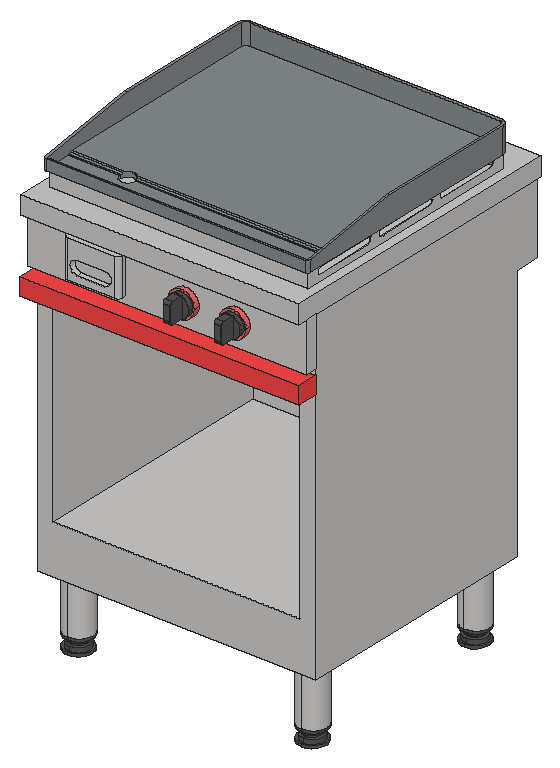
Revit family "ADB Cast iron gas plancha cupboard 620", category Equipement spécialisé, Revit 2022
Family settings
  Cote de connecteur circulaire = Utiliser le diamètre
  Type d'élément = Normal
  Numéro OmniClass = 23.40.40.14.17.11
  Titre OmniClass = Cookers, Ovens, Stoves
  Basée sur le plan de construction = Non
  Toujours verticalement = Oui
  Couper avec des vides une fois chargée = Non
  Conserver l'orientation des annotations = Non
  Partagée = Non
  Repère de localisation dans la pièce = Non
Parameters (values of type "CMG 620 PL")
  URL Cutsheet = "https://www.ambassade-de-bourgogne.com/fr/produits/armoires/grils/Resources/CMG-620-PL.pdf"
  URL = "https://www.ambassade-de-bourgogne.com/fr/produits/armoires/grils/Resources/CMG-620-PL.pdf"
  Electric Connection Type [instance] = "Bornier 40A"  # constant formula
  Item Number = ""
  Volts [instance] = 230 V  # constant formula
  Table = CME620PL_plancha fonte gaz : CME620PL_plancha fonte gaz
  Specification by Manufacturer = ""
  Electrical Remarks = "230V(MONO) commutable 400V(TRI)"
  Electric power = 0 W
  Gas power kW = 6
  Door hinges inversion option [instance] = no
  Door option CPM 600 [instance] = no
  Depth [instance] = 652 mm + if([Wall-spacer DSA 600], 50 mm, 0 mm) + if(Door option CPM 600, 53 mm, 0 mm)  # 652 mm
  Weight [instance] = 98.00 kg + if([Wall-spacer DSA 600], 1.00 kg, 0.00 kg) + if(Door option CPM 600, 5.00 kg, 0.00 kg)  # 98.00 kg
  Phase [instance] = 1  # constant formula
  Number of Poles [instance] = Phase  # 1
  Modèle = "CMG 620 PL"
  Length [instance] = 600 mm  # constant formula
  Height = 1000 mm
  Cycle [instance] = 50 Hz  # constant formula
  Fabricant = "Société Industrielle de Lacanche"  # constant formula
  F = 810 mm
  Elévation par défaut = 0 mm
  Shelves ECH 400 [instance] = no
  E = 50 mm
  Wall-spacer DSA 600 [instance] = no
  Dosseret [instance] = if([Wall-spacer DSA 600], 50 mm, 0 mm)  # 0 mm
  Gas Size = 20.96 mm
  Description = "Gas cast-iron Plancha cupboard"
  Connectors [instance] = yes
  Commentaires du type = "Ambassade range - Gas grills & plancha"
  D = 765 mm
  C = 300 mm
Reference planes
  plane 1 "Centre (avant/arrière)": y = 0
  plane 2: z = 0
  plane 3 "Centre (gauche/droite)": x = 0
  plane 4 "gauche": x = -300
  plane 5 "droite": x = 300
  plane 6 "fond de meuble": y = 325
  plane 7 "avant": y = -325
  plane 8 "arrière": y = 325
  plane 9: z = 1000
  plane 10: x = 0
  plane 11: z = 765
  plane 12: x = 250
  plane 13: z = 810
Forms (mm)
  Extrusion 1, solid, material "ADB_Network_Electricity_Yellow", visible <- "Connectors", detail levels medium+fine
    sketch origin (300, 315, 707) x (-1, 0, 0) y (0, 0, 1)
      loop
        circle (300, 58) r 10
    from 0 to 10
  Extrusion 2, solid, detail levels coarse
    sketch origin (0, 0, 0) x (1, 0, 0) y (0, 1, 0)
      loop
        line (-300, 325.033) -> (-300, -377.967) -> (300, -377.967) -> (300, 325.033) -> (-300, 325.033)
    from 0 to 1000 <- "Height"
  Extrusion 3, solid, material "ADB_Stainless Steel-Polished", detail levels fine
    sketch origin (0, 0, 0) x (1, 0, 0) y (0, 1, 0)
      loop
        arc (-210, -313.5) -> (-207.218, -320.218) -> (-200.5, -323) r 9.5
        line (-200.5, -323) -> (-99.5, -323)
        arc (-99.5, -323) -> (-92.782, -320.218) -> (-90, -313.5) r 9.5
        line (-90, -313.5) -> (-90, -306) -> (-210, -306) -> (-210, -313.5)
    from 770 to 850
  Extrusion 4, void
    sketch origin (300, -306, 860) x (-1, 0, 0) y (0, 0, -1)
      loop
        arc (479.812, 45) -> (494.812, 60) -> (479.812, 75) r 15
        line (479.812, 75) -> (420.021, 75)
        arc (420.021, 75) -> (405.021, 60) -> (420.021, 45) r 15
        line (420.021, 45) -> (479.812, 45)
    from 5 to 38.602
  Extrusion 5, solid, material "ADB_Network_Gas_Red", detail levels medium+fine
    sketch origin (300, 315, 707) x (-1, 0, 0) y (0, 0, 1)
      loop
        circle (50, 103) r 10.48
    from 0 to 10
Cuts and joins
  Extrusion 4 cuts Extrusion 3
Dimensions and locks
  equal spacing: plane 5 "droite", plane 3 "Centre (gauche/droite)", plane 4 "gauche"
  "Length": plane 5 "droite" to plane 4 "gauche"
  plane 6 "fond de meuble" to plane 7 "avant" = 650 mm
  locked: plane 7 "avant" to plane 1 "Centre (avant/arrière)" at 325
  "Dosseret": plane 8 "arrière" to plane 6 "fond de meuble"
  "Height": plane 9 to plane 2
  "D": plane 2 to plane 11
  "C": plane 5 "droite" to plane 10
  "E": plane 12 to plane 5 "droite"
  "F": plane 2 to plane 13
  aligned and locked: level to plane 2
  aligned and locked: plane 3 "Centre (gauche/droite)" to nested 1
  aligned and locked: Extrusion 1 sketch curve to plane 10
  aligned and locked: plane 11 to Extrusion 1 sketch curve
  aligned and locked: plane 3 "Centre (gauche/droite)" to nested 4
  aligned and locked: plane 13 to Extrusion 5 sketch curve
  aligned and locked: plane 12 to Extrusion 5 sketch curve
Automatic sketch dimensions
  Extrusion 2 sketch curve to plane 4 "gauche" = 0 mm
  Extrusion 2 sketch curve to plane 5 "droite" = 0 mm
  Extrusion 2 sketch curve to plane 7 "avant" = 52.967 mm
  plane 8 "arrière" to Extrusion 2 sketch curve = 0.033 mm
  plane 4 "gauche" to Extrusion 3 sketch curve = 90 mm
  plane 7 "avant" to Extrusion 3 sketch curve = 11.5 mm
  Extrusion 3 sketch curve to Extrusion 3 sketch curve = 9.5 mm  (x2)
  Extrusion 3 sketch curve to plane 3 "Centre (gauche/droite)" = 99.5 mm
  plane 7 "avant" to Extrusion 3 sketch curve = 19 mm
  Extrusion 4 sketch curve to nested 1 = 45 mm
  nested 1 to Extrusion 4 sketch curve = 179.979 mm
  Extrusion 4 sketch curve to Extrusion 4 sketch curve = 59.792 mm
  Extrusion 4 sketch curve to Extrusion 4 sketch curve = 15 mm
  radius of Extrusion 1 sketch curve = 10 mm
  radius of Extrusion 5 sketch curve = 10.48 mm
Nested families
  nested 1: "Soubassement armoire" at (0, 0, 0), Dosseret <- "Wall-spacer DSA 600", Porte <- "Door option CPM 600", Door hinges inversion option <- "Door hinges inversion option", Echelle <- "Shelves ECH 400", type "1 armoire", detail levels medium+fine
    with Depth 703 mm, Door hinges inversion option no, Porte no, Length 600 mm, Height 900 mm, Encombrement Porte standard no, Encombrement Porte inversée no, Echelle no, Décalage poignée 233.5 mm, Dosseret no
  nested 2: "Bouton" at (150, -306, 804.565) x (1, 0, 0) z (0, -1, 0), type "Bouton"
  nested 3: "Bouton" at (40, -306, 804.565) x (1, 0, 0) z (0, -1, 0), type "Bouton"
  nested 4: "CME620PL_plancha fonte gaz" at (0, 0, 900), type <- "Table", type "CME620PL_plancha fonte gaz", detail levels medium+fine
Connectors
  electrical at (0, 315, 765), driven by "Number of Poles", driven by "Volts", driven by "Electric power"
    settings: on Extrusion 1, index 1, voltage 230 V, apparent load 0 VA, apparent load phase1 0 VA, apparent load phase2 0 VA, apparent load phase3 0 VA, power factor 1, load classification "Autre", number of poles 1, system type 30, power factor state 1, is connector primary yes, connector utility no, sub classification motor no, connector description ""
  piping at (250, 315, 810), diameter 20.96, driven by "Gas Size"
    settings: on Extrusion 5, index 2, connector inside diameter 609.60 mm, connector length 0 mm, flow factor 0, pipe flow 0.0 L/s, pressure drop 0.0 Pa, fitting loss kfactor 0, connector angle 0.00°, fixture units 0, engagement length 0 mm, angle of deflection 0.00°, flow configuration 0, flow direction 1, fitting loss method 0, system type 29, joint type 0, gender type 0, connector reference index -1, connector utility 0, adjustable connector no, is connector primary yes, connector description "Gaz"
Definition of nested family "Soubassement armoire"
  Parameters (values of type "1 armoire")
    Profondeur produit = 650 mm
    Profondeur baie libre = if(Baie libre, Profondeur produit - 68 mm, 1 mm)  # 582 mm
    Door hinges inversion option [instance] = no
    Longueur poignée = 229 mm  # constant formula
    Encombrement Porte inversée [instance] = and(Porte, Door hinges inversion option)  # no
    Encombrement Porte standard [instance] = and(Porte, not(Door hinges inversion option))  # no
    Porte [instance] = no
    Depth [instance] = Profondeur produit + if(Dosseret, 50 mm, 0 mm) + 53 mm  # 703 mm
    Longueur produit = 600 mm
    Length [instance] = Longueur produit  # 600 mm
    Hauteur produit = 900 mm
    Height [instance] = Hauteur produit + if(Dosseret, 100 mm, 0 mm)  # 900 mm
    Default Elevation = 0 mm
    Echelle [instance] = no
    Décalage poignée [instance] = if(Door hinges inversion option, Length, 233.5 mm)  # 233.5 mm
    Dosseret [instance] = no
    Baie libre = yes
  Reference planes
    plane 1 "Centre (avant/arrière)": y = 0
    plane 2: z = 0
    plane 3 "Centre (gauche/droite)": x = 0
    plane 4 "Gauche": x = -300
    plane 5 "Arrière": y = 325
    plane 6 "Droite": x = 300
    plane 7 "Avant": y = -325
    plane 8 "dessous meuble": z = 155
    plane 9 "Dessus de plan": z = 900
    plane 10 "Baguette coloré": z = 696
    plane 11 "dessous plan": z = 860
    plane 12 "Face": y = -280
    plane 13 "commande": z = 755
    plane 14 "dessus dosseret": z = 900
    plane 15: y = -377.967
    plane 16: y = 325.033
    plane 17 "Baguette colorë": y = -780
    plane 18: x = -66.5
  Forms (mm)
    Extrusion 1, solid, visible <- "Porte", detail levels medium+fine
      sketch origin (-300, 0, 0) x (0, 1, 0) y (0, 0, 1)
        loop
          line (-325, 155) -> (-280, 155) -> (-280, 696) -> (-325, 696) -> (-325, 155)
      from 0 to 600 <- "Length"
    Extrusion 2, solid, detail levels medium+fine
      sketch origin (-300, 0, 0) x (0, 1, 0) y (0, 0, 1)
        loop
          line (-280, 742.5) -> (-327, 742.5) -> (-327, 705) -> (-280, 705) -> (-280, 742.5)
      from 0 to 600 <- "Length"
    Extrusion 3, solid, detail levels medium+fine
      sketch origin (-300, 0, 0) x (0, 1, 0) y (0, 0, 1)
        loop
          line (325, 900) -> (-325, 900) -> (-325, 860) -> (325, 860) -> (325, 900)
      from 0 to 600 <- "Length"
    Extrusion 4, void
      sketch origin (0, -325, 0) x (-1, 0, 0) y (0, 0, 1)
        loop
          line (266, 679) -> (-266, 679) -> (-266, 261.5) -> (266, 261.5) -> (266, 679)
      from 0 to 582 <- "Profondeur baie libre"
    Extrusion 5, solid, detail levels medium+fine
      sketch origin (-300, 0, 0) x (0, 1, 0) y (0, 0, 1)
        loop
          line (-280, 860) -> (-306, 860) -> (-306, 755) -> (-280, 755) -> (-280, 860)
      from 0 to 600 <- "Length"
    Extrusion 6, solid, detail levels medium+fine
      sketch origin (-300, 0, 0) x (0, 1, 0) y (0, 0, 1)
        loop
          line (315, 860) -> (-280, 860) -> (-280, 155) -> (260, 155) -> (260, 707) -> (315, 707) -> (315, 860)
      from 0 to 600 <- "Length"
    Revolve 7, solid, detail levels medium+fine
      sketch origin (251.965, 0, 0) x (0, 1, 0) y (0, 0, -1)
        loop
          line (-258.968, -155) -> (-229, -155) -> (-229, 0) -> (-258.492, 0) -> (-258.492, -5) -> (-253.001, -5) -> (-253.001, -13.586) -> (-248.857, -16.488) -> (-248.857, -22) -> (-252.82, -22) -> (-258.968, -28.148) -> (-258.968, -34) -> (-258.968, -155)
        axis (-229, 0) -> (-229, -155)
      angle from 0 to 360
    Revolve 8, solid, detail levels medium+fine
      sketch origin (-251.965, 0, 0) x (0, 1, 0) y (0, 0, 1)
        loop
          line (-258.968, 155) -> (-258.968, 34) -> (-258.968, 28.148) -> (-252.82, 22) -> (-248.857, 22) -> (-248.857, 16.488) -> (-253.001, 13.586) -> (-253.001, 5) -> (-258.492, 5) -> (-258.492, 0) -> (-229, 0) -> (-229, 155) -> (-258.968, 155)
        axis (-229, 0) -> (-229, 155)
      angle from 0 to 360
    Revolve 9, solid, detail levels medium+fine
      sketch origin (-251.965, -20, 0) x (0, -1, 0) y (0, 0, -1)
        loop
          line (-258.968, -155) -> (-229, -155) -> (-229, 0) -> (-258.492, 0) -> (-258.492, -5) -> (-253.001, -5) -> (-253.001, -13.586) -> (-248.857, -16.488) -> (-248.857, -22) -> (-252.82, -22) -> (-258.968, -28.148) -> (-258.968, -34) -> (-258.968, -155)
        axis (-229, 0) -> (-229, -155)
      angle from 0 to 360
    Extrusion 10, solid, visible <- "Dosseret", detail levels medium+fine
      sketch origin (-300, 0, 0) x (0, 1, 0) y (0, 0, 1)
        loop
          line (375.033, 1000) -> (325, 1000) -> (325, 860) -> (375.033, 860) -> (375.033, 1000)
      from 0 to 600 <- "Length"
    Revolve 11, solid, detail levels medium+fine
      sketch origin (251.965, -20, 0) x (0, -1, 0) y (0, 0, 1)
        loop
          line (-258.968, 155) -> (-258.968, 34) -> (-258.968, 28.148) -> (-252.82, 22) -> (-248.857, 22) -> (-248.857, 16.488) -> (-253.001, 13.586) -> (-253.001, 5) -> (-258.492, 5) -> (-258.492, 0) -> (-229, 0) -> (-229, 155) -> (-258.968, 155)
        axis (-229, 0) -> (-229, 155)
      angle from 0 to 360
    Extrusion 12, void
      sketch origin (0, 0, 900) x (0, -1, 0) y (1, 0, 0)
        loop
          line (-307.033, -266.567) -> (-293.033, -266.567) -> (-293.033, 266.464) -> (-307.033, 266.464) -> (-307.033, -266.567)
      from 0 to -0.8
    Extrusion 13, solid, detail levels medium+fine
      sketch origin (-300, 260, 155) x (0, 0, 1) y (1, 0, 0)
        loop
          line (65, 454) -> (65, 146) -> (552, 146) -> (552, 454) -> (65, 454)
      from 0 to 35
    Extrusion 14, solid, visible <- "Echelle"
      sketch origin (0, 0, 0) x (1, 0, 0) y (0, 0, 1)
        loop
          line (-266, 648.8) -> (-266, 623.8) -> (-256.5, 623.8) -> (-256.5, 625) -> (-264.8, 625) -> (-264.8, 647.6) -> (-248, 647.6) -> (-248, 648.8) -> (-266, 648.8)
        loop
          line (-266, 548.8) -> (-266, 523.8) -> (-256.5, 523.8) -> (-256.5, 525) -> (-264.8, 525) -> (-264.8, 547.6) -> (-248, 547.6) -> (-248, 548.8) -> (-266, 548.8)
        loop
          line (-266, 448.8) -> (-266, 423.8) -> (-256.5, 423.8) -> (-256.5, 425) -> (-264.8, 425) -> (-264.8, 447.6) -> (-248, 447.6) -> (-248, 448.8) -> (-266, 448.8)
        loop
          line (-266, 348.8) -> (-266, 323.8) -> (-256.5, 323.8) -> (-256.5, 325) -> (-264.8, 325) -> (-264.8, 347.6) -> (-248, 347.6) -> (-248, 348.8) -> (-266, 348.8)
      from -113.466 to 206.5
    Extrusion 15, solid, visible <- "Echelle"
      sketch origin (0, 0, 0) x (-1, 0, 0) y (0, 0, -1)
        loop
          line (-266, -648.8) -> (-248, -648.8) -> (-248, -647.6) -> (-264.8, -647.6) -> (-264.8, -625) -> (-256.5, -625) -> (-256.5, -623.8) -> (-266, -623.8) -> (-266, -648.8)
        loop
          line (-266, -548.8) -> (-248, -548.8) -> (-248, -547.6) -> (-264.8, -547.6) -> (-264.8, -525) -> (-256.5, -525) -> (-256.5, -523.8) -> (-266, -523.8) -> (-266, -548.8)
        loop
          line (-266, -448.8) -> (-248, -448.8) -> (-248, -447.6) -> (-264.8, -447.6) -> (-264.8, -425) -> (-256.5, -425) -> (-256.5, -423.8) -> (-266, -423.8) -> (-266, -448.8)
        loop
          line (-266, -348.8) -> (-248, -348.8) -> (-248, -347.6) -> (-264.8, -347.6) -> (-264.8, -325) -> (-256.5, -325) -> (-256.5, -323.8) -> (-266, -323.8) -> (-266, -348.8)
      from -113.466 to 206.5
  Cuts and joins
    Extrusion 4 cuts Extrusion 6
    Extrusion 12 cuts Extrusion 10
  Lines and regions (mm)
    symbolic lines, visible <- "Encombrement Porte standard"
      curve 1: line (300, -280, 155) -> (300, -880, 155)
      curve 4: arc (-300, -280, 155) -> (-124.264, -704.264, 155) -> (300, -880, 155) r 600
    symbolic lines, visible <- "Encombrement Porte inversée"
      curve 2: line (-300, -280, 155) -> (-300, -880, 155)
      curve 3: arc (300, -280, 155) -> (124.264, -704.264, 155) -> (-300, -880, 155) r 600
  Dimensions and locks
    equal spacing: plane 7 "Avant", plane 1 "Centre (avant/arrière)", plane 5 "Arrière"
    "Profondeur produit": plane 5 "Arrière" to plane 7 "Avant"
    equal spacing: plane 4 "Gauche", plane 3 "Centre (gauche/droite)", plane 6 "Droite"
    "Longueur produit": plane 4 "Gauche" to plane 6 "Droite"
    "Hauteur produit": plane 9 "Dessus de plan" to plane 2
    locked: plane 8 "dessous meuble" to plane 2 at 155
    locked: plane 9 "Dessus de plan" to plane 11 "dessous plan" at 40
    locked: plane 7 "Avant" to plane 12 "Face" at 45
    locked: plane 13 "commande" to plane 10 "Baguette coloré" at 59
    locked: plane 11 "dessous plan" to plane 13 "commande" at 105
    Extrusion 4 sketch curve to plane 8 "dessous meuble" = 106.5 mm
    Extrusion 4 sketch curve to plane 6 "Droite" = 34 mm
    Extrusion 4 sketch curve to plane 4 "Gauche" = 34 mm
    plane 10 "Baguette coloré" to Extrusion 4 sketch curve = 17 mm
    "Height": plane 14 "dessus dosseret" to plane 2
    locked: plane 7 "Avant" to plane 15 at 52.967
    "Depth": plane 15 to plane 16
    equal spacing: Extrusion 13 sketch curve, plane 3 "Centre (gauche/droite)", Extrusion 13 sketch curve
    "Décalage poignée": plane 18 to plane 4 "Gauche"
    locked: plane 4 "Gauche" to Revolve 9 at 18.067
    locked: Revolve 11 to plane 6 "Droite" at 18.067
    locked: Revolve 7 to plane 6 "Droite" at 18.067
    locked: plane 4 "Gauche" to Revolve 8 at 18.067
    locked: Revolve 8 to plane 12 "Face" at 21.032
    locked: Revolve 7 to plane 12 "Face" at 21.032
    locked: plane 5 "Arrière" to Extrusion 10 sketch curve at 50.033
    plane 16 to Extrusion 12 sketch curve to Extrusion 12 sketch curve = 18 mm locked, 14 mm locked
    aligned and locked: level to plane 2
    aligned and locked: plane 18 to nested 1
  Automatic sketch dimensions
    Extrusion 1 sketch curve to plane 7 "Avant" = 0 mm
    Extrusion 1 sketch curve to plane 10 "Baguette coloré" = 0 mm
    Extrusion 1 sketch curve to plane 12 "Face" = 0 mm
    Extrusion 1 sketch curve to plane 8 "dessous meuble" = 0 mm
    Extrusion 2 sketch curve to plane 12 "Face" = 0 mm
    Extrusion 2 sketch curve to plane 7 "Avant" = 2 mm
    plane 10 "Baguette coloré" to Extrusion 2 sketch curve = 9 mm
    Extrusion 2 sketch curve to plane 13 "commande" = 12.5 mm
    Extrusion 3 sketch curve to plane 7 "Avant" = 0 mm
    Extrusion 3 sketch curve to plane 5 "Arrière" = 0 mm
    Extrusion 3 sketch curve to plane 11 "dessous plan" = 0 mm
    Extrusion 3 sketch curve to plane 9 "Dessus de plan" = 0 mm
    Extrusion 5 sketch curve to plane 11 "dessous plan" = 0 mm
    Extrusion 5 sketch curve to plane 13 "commande" = 0 mm
    Extrusion 5 sketch curve to plane 12 "Face" = 0 mm
    plane 7 "Avant" to Extrusion 5 sketch curve = 19 mm
    Extrusion 6 sketch curve to plane 11 "dessous plan" = 0 mm
    Extrusion 6 sketch curve to plane 12 "Face" = 0 mm
    Extrusion 6 sketch curve to plane 8 "dessous meuble" = 0 mm
    Extrusion 6 sketch curve to plane 5 "Arrière" = 65 mm
    Extrusion 6 sketch curve to plane 5 "Arrière" = 10 mm
    plane 10 "Baguette coloré" to Extrusion 6 sketch curve = 11 mm
    Revolve 7 sketch curve to plane 8 "dessous meuble" = 0 mm
    Revolve 7 sketch curve to level = 0 mm
    plane 12 "Face" to Revolve 7 sketch curve = 21.032 mm
    plane 12 "Face" to Revolve 7 sketch curve = 21.508 mm
    Revolve 7 sketch curve to Revolve 7 sketch curve = 5.491 mm
    Revolve 7 sketch curve to Revolve 7 sketch curve = 0.181 mm
    Revolve 7 sketch curve to Revolve 7 sketch curve = 3.964 mm
    Revolve 7 sketch curve to Revolve 7 sketch curve = 24.001 mm
    level to Revolve 7 sketch curve = 34 mm
    Revolve 7 sketch curve to Revolve 7 sketch curve = 5.852 mm
    Revolve 7 sketch curve to Revolve 7 sketch curve = 6.148 mm
    Revolve 7 sketch curve to Revolve 7 sketch curve = 5.512 mm
    Revolve 7 sketch curve to Revolve 7 sketch curve = 2.902 mm
    level to Revolve 7 sketch curve = 5 mm
    Revolve 7 sketch curve to Revolve 7 sketch curve = 0 mm
    plane 8 "dessous meuble" to Revolve 7 sketch curve = 19 mm
    Revolve 7 sketch curve to Revolve 7 sketch curve = 12 mm
    Revolve 8 sketch curve to plane 8 "dessous meuble" = 0 mm
    Revolve 8 sketch curve to level = 0 mm
    plane 12 "Face" to Revolve 8 sketch curve = 21.032 mm
    plane 12 "Face" to Revolve 8 sketch curve = 21.508 mm
    Revolve 8 sketch curve to Revolve 8 sketch curve = 5.491 mm
    Revolve 8 sketch curve to Revolve 8 sketch curve = 0.181 mm
    Revolve 8 sketch curve to Revolve 8 sketch curve = 3.964 mm
    Revolve 8 sketch curve to Revolve 8 sketch curve = 24.001 mm
    level to Revolve 8 sketch curve = 5 mm
    Revolve 8 sketch curve to Revolve 8 sketch curve = 8.586 mm
    Revolve 8 sketch curve to Revolve 8 sketch curve = 2.902 mm
    Revolve 8 sketch curve to Revolve 8 sketch curve = 5.512 mm
    Revolve 8 sketch curve to Revolve 8 sketch curve = 6.148 mm
    Revolve 8 sketch curve to Revolve 8 sketch curve = 5.852 mm
    Revolve 8 sketch curve to Revolve 8 sketch curve = 0 mm
    Revolve 8 sketch curve to Revolve 8 sketch curve = 12 mm
    plane 8 "dessous meuble" to Revolve 8 sketch curve = 19 mm
    Revolve 9 sketch curve to plane 8 "dessous meuble" = 0 mm
    Revolve 9 sketch curve to level = 0 mm
    level to Revolve 9 sketch curve = 28.148 mm
    Revolve 9 sketch curve to plane 5 "Arrière" = 86.032 mm
    Revolve 9 sketch curve to Revolve 9 sketch curve = 0.477 mm
    level to Revolve 9 sketch curve = 13.586 mm
    Revolve 9 sketch curve to Revolve 9 sketch curve = 5.491 mm
    Revolve 9 sketch curve to Revolve 9 sketch curve = 0.181 mm
    Revolve 9 sketch curve to Revolve 9 sketch curve = 3.964 mm
    Revolve 9 sketch curve to Revolve 9 sketch curve = 24.001 mm
    Revolve 9 sketch curve to Revolve 9 sketch curve = 5.852 mm
    Revolve 9 sketch curve to Revolve 9 sketch curve = 8.414 mm
    Revolve 9 sketch curve to Revolve 9 sketch curve = 2.902 mm
    level to Revolve 9 sketch curve = 5 mm
    Revolve 9 sketch curve to Revolve 9 sketch curve = 0 mm
    plane 8 "dessous meuble" to Revolve 9 sketch curve = 19 mm
    Revolve 9 sketch curve to Revolve 9 sketch curve = 12 mm
    Extrusion 10 sketch curve to plane 5 "Arrière" = 0 mm
    Extrusion 10 sketch curve to plane 11 "dessous plan" = 0 mm
    plane 9 "Dessus de plan" to Extrusion 10 sketch curve = 100 mm
    curve 3 to plane 6 "Droite" = 0 mm
    curve 3 to plane 4 "Gauche" = 0 mm
    curve 4 to plane 4 "Gauche" = 0 mm
    curve 4 to plane 12 "Face" = 0 mm
    curve 2 to plane 12 "Face" = 0 mm
    curve 3 to plane 12 "Face" = 0 mm
    Revolve 11 sketch curve to plane 8 "dessous meuble" = 0 mm
    Revolve 11 sketch curve to level = 0 mm
    level to Revolve 11 sketch curve = 28.148 mm
    Revolve 11 sketch curve to plane 5 "Arrière" = 86.032 mm
    Revolve 11 sketch curve to Revolve 11 sketch curve = 0.477 mm
    level to Revolve 11 sketch curve = 13.586 mm
    Revolve 11 sketch curve to Revolve 11 sketch curve = 5.491 mm
    Revolve 11 sketch curve to Revolve 11 sketch curve = 0.181 mm
    Revolve 11 sketch curve to Revolve 11 sketch curve = 3.964 mm
    Revolve 11 sketch curve to Revolve 11 sketch curve = 24.001 mm
    level to Revolve 11 sketch curve = 5 mm
    Revolve 11 sketch curve to Revolve 11 sketch curve = 2.902 mm
    Revolve 11 sketch curve to Revolve 11 sketch curve = 5.512 mm
    Revolve 11 sketch curve to Revolve 11 sketch curve = 5.852 mm
    Revolve 11 sketch curve to Revolve 11 sketch curve = 0 mm
    Revolve 11 sketch curve to Revolve 11 sketch curve = 12 mm
    plane 8 "dessous meuble" to Revolve 11 sketch curve = 19 mm
    plane 4 "Gauche" to Extrusion 12 sketch curve = 33.433 mm
    plane 6 "Droite" to Extrusion 12 sketch curve = 33.536 mm
    Extrusion 13 sketch curve to Extrusion 6 = 0 mm
    Extrusion 6 to Extrusion 13 sketch curve = 65 mm
    Extrusion 6 to Extrusion 13 sketch curve = 146 mm
    plane 4 "Gauche" to Extrusion 14 sketch curve = 34 mm  (x4)
    Extrusion 14 sketch curve to Extrusion 14 sketch curve = 1.2 mm  (x12)
    Extrusion 14 sketch curve to Extrusion 14 sketch curve = 8.3 mm  (x4)
    Extrusion 14 sketch curve to Extrusion 14 sketch curve = 16.8 mm  (x4)
    plane 8 "dessous meuble" to Extrusion 14 sketch curve = 168.8 mm
    Extrusion 14 sketch curve to Extrusion 14 sketch curve = 22.6 mm  (x4)
    Extrusion 14 sketch curve to Extrusion 14 sketch curve = 75 mm  (x2)
    Extrusion 14 sketch curve to plane 10 "Baguette coloré" = 72.2 mm
    plane 6 "Droite" to Extrusion 15 sketch curve = 34 mm  (x4)
    Extrusion 15 sketch curve to Extrusion 15 sketch curve = 1.2 mm  (x12)
    Extrusion 15 sketch curve to Extrusion 15 sketch curve = 8.3 mm  (x4)
    Extrusion 15 sketch curve to Extrusion 15 sketch curve = 16.8 mm  (x4)
    Extrusion 15 sketch curve to plane 10 "Baguette coloré" = 47.2 mm
    Extrusion 15 sketch curve to Extrusion 15 sketch curve = 22.6 mm  (x4)
    Extrusion 15 sketch curve to Extrusion 15 sketch curve = 75 mm  (x3)
    curve 1 to plane 6 "Droite" = 0 mm
    curve 1 to plane 12 "Face" = 0 mm
  Nested families
    nested 1: "Poignée" at (-181, -325, 681.933) x (1, 0, 0) z (0, -1, 0), visible <- "Porte", Longueur <- "Longueur poignée", type "Poignée", detail levels fine
      with Longueur 229 mm
  Definition of nested family "Poignée"
    Parameters (values of type "Poignée")
      Longueur [instance] = 800 mm
      Default Elevation = 1219.2 mm
    Reference planes
      plane 1 "Centre (avant/arrière)": y = 0
      plane 2: z = 0
      plane 3 "Centre (gauche/droite)": x = 0
      plane 4: x = -400
      plane 5: x = 400
      plane 6: x = -395
      plane 7: x = 395
    Forms (mm)
      Extrusion 1, solid
        sketch origin (0, 0, 0) x (1, 0, 0) y (0, 1, 0)
          loop
            line (-1219.2, 1219.2) -> (-1219.2, -1219.2) -> (1219.2, -1219.2) -> (1219.2, 1219.2) -> (-1219.2, 1219.2)
        from 0 to -304.8
      Extrusion 2, solid
        sketch origin (0, 0, 0) x (0, 1, 0) y (0, 0, 1)
          loop
            circle (0, 38.995) r 13.972
        from -395 to 395
      Extrusion 3, solid
        sketch origin (0, 0, 0) x (1, 0, 0) y (0, 1, 0)
          loop
            circle (-363.542, 0) r 8.5
          loop
            circle (363.453, 0) r 8.5
        from 0 to 37.089
    Cuts and joins
      joined: Extrusion 2, Extrusion 3
    Dimensions and locks
      equal spacing: plane 4, plane 3 "Centre (gauche/droite)", plane 5
      "Longueur": plane 4 to plane 5
      locked: plane 4 to plane 6 at 5
      locked: plane 7 to plane 5 at 5
      locked: plane 6 to Extrusion 3 sketch curve at 31.458
      locked: Extrusion 3 sketch curve to plane 7 at 31.547
      aligned and locked: plane 2 to Extrusion 1
      aligned and locked: level to Extrusion 1
      aligned and locked: plane 6 to Extrusion 2
      aligned and locked: Extrusion 2 to plane 7
      aligned and locked: plane 1 "Centre (avant/arrière)" to Extrusion 3 sketch curve
    Automatic sketch dimensions
      Extrusion 1 sketch curve to Extrusion 1 sketch curve = 2438.4 mm  (x2)
      Extrusion 2 sketch curve to plane 1 "Centre (avant/arrière)" = 0 mm
      level to Extrusion 2 sketch curve = 38.995 mm
      plane 1 "Centre (avant/arrière)" to Extrusion 3 sketch curve = 0 mm
      radius of Extrusion 2 sketch curve = 13.972 mm
      radius of Extrusion 3 sketch curve = 8.5 mm  (x2)
Definition of nested family "Bouton"
  Parameters (values of type "Bouton")
    Matériau base bouton = none
    Default Elevation = 1219.2 mm
  Reference planes
    plane 1 "Centre (avant/arrière)": y = 0
    plane 2: z = 0
    plane 3 "Centre (gauche/droite)": x = 0
  Forms (mm)
    Extrusion 1, solid
      sketch origin (0, 0, 0) x (1, 0, 0) y (0, 1, 0)
        loop
          line (-1219.2, 1219.2) -> (-1219.2, -1219.2) -> (1219.2, -1219.2) -> (1219.2, 1219.2) -> (-1219.2, 1219.2)
      from 0 to -304.8
    Extrusion 2, solid, material <- "Matériau base bouton", detail levels fine
      sketch origin (0, 0, 0) x (1, 0, 0) y (0, 1, 0)
        loop
          circle (0, 0) r 28.5
      from 0 to 11.5
    Extrusion 3, solid, detail levels fine
      sketch origin (0, 0, 0) x (1, 0, 0) y (0, 1, 0)
        loop
          circle (0, 0) r 24.1
      from 11.5 to 20.5
    Extrusion 4, solid, detail levels fine
      sketch origin (0, 0, 0) x (1, 0, 0) y (0, 0, 1)
        loop
          line (-8.082, 20.5) -> (8.082, 20.5) -> (7.58, 49.253)
          arc (7.58, 49.253) -> (6.684, 51.34) -> (4.581, 52.2) r 3
          line (4.581, 52.2) -> (-4.581, 52.2)
          arc (-4.581, 52.2) -> (-6.684, 51.34) -> (-7.58, 49.253) r 3
          line (-7.58, 49.253) -> (-8.082, 20.5)
      from -22.082 to 22.162
    Extrusion 5, void
      sketch origin (0, 0, 0) x (0, 1, 0) y (0, 0, 1)
        loop
          line (-15.762, 50.701) -> (15.682, 50.701)
          arc (15.682, 50.701) -> (20.208, 48.826) -> (22.082, 44.301) r 6.4
          line (22.082, 44.301) -> (22.082, 41.701) -> (24.232, 41.701) -> (24.232, 54.688) -> (-24.768, 54.688) -> (-24.768, 41.701) -> (-22.162, 41.701) -> (-22.162, 44.301)
          arc (-22.162, 44.301) -> (-20.287, 48.826) -> (-15.762, 50.701) r 6.4
      from -15.908 to 13.709
  Cuts and joins
    Extrusion 5 cuts Extrusion 4
  Lines and regions (mm)
    symbolic lines, detail levels fine
      curve 1: line (0, -28.5, 0) -> (0, 28.5, 0)
  Dimensions and locks
    aligned and locked: plane 2 to Extrusion 1
    aligned and locked: level to Extrusion 1
Definition of nested family "CME620PL_plancha fonte gaz"
  Parameters (values of type "CME620PL_plancha fonte gaz")
    Longueur plancha = Longueur - 30 mm  # 570 mm
    Habillage = none
    Longueur = 600 mm
    Largeur = 650 mm
    Default Elevation = 1219.2 mm
  Reference planes
    plane 1 "Centre (avant/arrière)": y = 0
    plane 2: z = 0
    plane 3 "Centre (gauche/droite)": x = 0
    plane 4: y = 325
    plane 5: y = -325
    plane 6: x = 300
    plane 7: x = -300
    plane 8: x = -285
    plane 9: x = 285
  Forms (mm)
    Extrusion 1, solid
      sketch origin (0, 0, 0) x (1, 0, 0) y (0, 1, 0)
        loop
          line (-1219.2, 1219.2) -> (-1219.2, -1219.2) -> (1219.2, -1219.2) -> (1219.2, 1219.2) -> (-1219.2, 1219.2)
      from 0 to -304.8
    Extrusion 2, solid
      sketch origin (0, 0, 0) x (1, 0, 0) y (0, 1, 0)
        loop
          arc (-269, 258) -> (-280.314, 253.314) -> (-285, 242) r 16
          line (-285, 242) -> (-285, -276)
          arc (-285, -276) -> (-283.243, -280.243) -> (-279, -282) r 6
          line (-279, -282) -> (279, -282)
          arc (279, -282) -> (283.243, -280.243) -> (285, -276) r 6
          line (285, -276) -> (285, 242)
          arc (285, 242) -> (280.314, 253.314) -> (269, 258) r 16
          line (269, 258) -> (-269, 258)
        loop
          line (269, 253) -> (-269, 253)
          arc (-269, 253) -> (-276.778, 249.778) -> (-280, 242) r 11
          line (-280, 242) -> (-280, -277) -> (280, -277) -> (280, 242)
          arc (280, 242) -> (276.778, 249.778) -> (269, 253) r 11
      from 34 to 89
    Extrusion 3, void
      sketch origin (0, 0, 34) x (0, 1, 0) y (0, 0, 1)
        loop
          line (-285.597, 22.298) -> (-48.289, 57.005) -> (-285.597, 57.005) -> (-285.597, 22.298)
      from -300 to 300
    Extrusion 4, solid
      sketch origin (0, 0, 0) x (1, 0, 0) y (0, 1, 0)
        loop
          line (269, 253) -> (-269, 253)
          arc (-269, 253) -> (-276.778, 249.778) -> (-280, 242) r 11
          line (-280, 242) -> (-280, -277) -> (280, -277) -> (280, 242)
          arc (280, 242) -> (276.778, 249.778) -> (269, 253) r 11
      from 34 to 44
    Extrusion 5, void
      sketch origin (0, 0, 34) x (0, 1, 0) y (0, 0, 1)
        loop
          arc (-222.947, 4.853) -> (-221.567, 5.137) -> (-220.41, 5.942) r 3.5
          line (-220.41, 5.942) -> (-217.704, 8.787)
          arc (-217.704, 8.787) -> (-216.416, 9.684) -> (-214.878, 10) r 3.9
          line (-214.878, 10) -> (-208.35, 10) -> (-208.35, 10.9) -> (-265.33, 10.9) -> (-260.639, 5.813)
          arc (-260.639, 5.813) -> (-259.541, 5.102) -> (-258.257, 4.853) r 3.435
          line (-258.257, 4.853) -> (-222.947, 4.853)
      from -280 to 280
    Extrusion 6, solid
      sketch origin (0, 0, 34) x (0, 1, 0) y (0, 0, 1)
        loop
          line (-264.5, 10) -> (-277, 23.554) -> (-277, 10) -> (-264.5, 10)
      from -280 to 280
    Extrusion 7, void
      sketch origin (0, 0, 0) x (1, 0, 0) y (0, 1, 0)
        loop
          circle (-149.993, -224.663) r 15.75
      from 0 to 69.7
    Extrusion 8, void
      sketch origin (0, 0, 0) x (0, 1, 0) y (0, 0, 1)
        loop
          line (-112.112, 28.047) -> (-242.006, 26.81)
          arc (-242.006, 26.81) -> (-249.434, 19.239) -> (-241.863, 11.81) r 7.5
          line (-241.863, 11.81) -> (-111.969, 13.048)
          arc (-111.969, 13.048) -> (-104.541, 20.619) -> (-112.112, 28.047) r 7.5
        loop
          line (52.913, 29.619) -> (-77.025, 28.381)
          arc (-77.025, 28.381) -> (-84.453, 20.81) -> (-76.882, 13.382) r 7.5
          line (-76.882, 13.382) -> (53.056, 14.619)
          arc (53.056, 14.619) -> (60.484, 22.19) -> (52.913, 29.619) r 7.5
        loop
          line (217.886, 31.19) -> (87.964, 29.952)
          arc (87.964, 29.952) -> (80.536, 22.381) -> (88.107, 14.953) r 7.5
          line (88.107, 14.953) -> (218.028, 16.19)
          arc (218.028, 16.19) -> (225.457, 23.762) -> (217.886, 31.19) r 7.5
      from -300 to 300
    Extrusion 9, void
      sketch origin (0, 0, 0) x (1, 0, 0) y (0, 0, 1)
        loop
          line (105.055, 16.5) -> (264.975, 16.5)
          arc (264.975, 16.5) -> (272.475, 24) -> (264.975, 31.5) r 7.5
          line (264.975, 31.5) -> (105.055, 31.5)
          arc (105.055, 31.5) -> (97.555, 24) -> (105.055, 16.5) r 7.5
        loop
          arc (-80.02, 31.5) -> (-87.52, 24) -> (-80.02, 16.5) r 7.5
          line (-80.02, 16.5) -> (79.97, 16.5)
          arc (79.97, 16.5) -> (87.47, 24) -> (79.97, 31.5) r 7.5
          line (79.97, 31.5) -> (-80.02, 31.5)
        loop
          arc (-105.065, 16.5) -> (-97.565, 24) -> (-105.065, 31.5) r 7.5
          line (-105.065, 31.5) -> (-264.982, 31.5)
          arc (-264.982, 31.5) -> (-272.482, 24) -> (-264.982, 16.5) r 7.5
          line (-264.982, 16.5) -> (-105.065, 16.5)
      from -325 to -230.968
    Extrusion 10, solid
      sketch origin (0, 0, 0) x (1, 0, 0) y (0, 1, 0)
        loop
          line (-278.5, 250.5) -> (-278.5, -274.5) -> (278.5, -274.5) -> (278.5, 250.5) -> (-278.5, 250.5)
        loop
          line (277, 249) -> (-277, 249) -> (-277, -273) -> (277, -273) -> (277, 249)
      from 0 to 34
  Cuts and joins
    Extrusion 3 cuts Extrusion 2
    Extrusion 5, Extrusion 7 cuts Extrusion 4
    joined: Extrusion 4, Extrusion 6
    Extrusion 8, Extrusion 9 cuts Extrusion 10
  Dimensions and locks
    "Largeur": plane 5 to plane 4
    "Longueur": plane 7 to plane 6
    "Longueur plancha": plane 8 to plane 9
    locked: Extrusion 2 sketch curve to Extrusion 2 sketch curve at 5  (x4)
    equal spacing: plane 7, plane 3 "Centre (gauche/droite)", plane 6
    equal spacing: plane 8, plane 3 "Centre (gauche/droite)", plane 9
    plane 7 to Extrusion 10 sketch curve to Extrusion 10 sketch curve = 21.5 mm locked, 1.5 mm locked
    Extrusion 10 sketch curve to Extrusion 10 sketch curve to plane 6 = 1.5 mm locked, 21.5 mm locked
    locked: Extrusion 10 sketch curve to Extrusion 10 sketch curve at 1.5  (x2)
    aligned and locked: plane 2 to Extrusion 1
    aligned and locked: level to Extrusion 1
    aligned and locked: plane 8 to Extrusion 2 sketch curve
    aligned and locked: plane 9 to Extrusion 2 sketch curve
    aligned and locked: cut or joined group of Extrusion 4, Extrusion 5, Extrusion 6, Extrusion 7 to cut or joined group of Extrusion 2, Extrusion 3  (x2)
    aligned and locked: Extrusion 8 to plane 6
    aligned and locked: plane 7 to Extrusion 8
  Automatic sketch dimensions
    Extrusion 1 sketch curve to Extrusion 1 sketch curve = 2438.4 mm  (x2)
    Extrusion 3 sketch curve to plane 5 = 39.403 mm
    level to Extrusion 3 sketch curve = 56.298 mm
    plane 1 "Centre (avant/arrière)" to Extrusion 3 sketch curve = 48.289 mm
    Extrusion 3 sketch curve to Extrusion 3 sketch curve = 34.708 mm
    Extrusion 2 sketch curve to Extrusion 2 sketch curve = 0 mm  (x2)
    Extrusion 2 sketch curve to plane 5 = 43 mm
    plane 4 to Extrusion 2 sketch curve = 83 mm
    Extrusion 4 sketch curve to plane 5 = 48 mm
    plane 4 to Extrusion 4 sketch curve = 83 mm
    level to Extrusion 6 sketch curve = 44 mm
    Extrusion 6 sketch curve to plane 5 = 48 mm
    Extrusion 6 sketch curve to Extrusion 6 sketch curve = 12.5 mm
    level to Extrusion 6 sketch curve = 57.554 mm
    level to Extrusion 5 sketch curve = 44.9 mm
    Extrusion 5 sketch curve to plane 5 = 59.67 mm
    level to Extrusion 5 sketch curve = 39.813 mm
    Extrusion 5 sketch curve to Extrusion 5 sketch curve = 4.691 mm
    Extrusion 5 sketch curve to Extrusion 5 sketch curve = 2.381 mm
    level to Extrusion 5 sketch curve = 42.353 mm
    Extrusion 5 sketch curve to Extrusion 5 sketch curve = 35.31 mm
    level to Extrusion 5 sketch curve = 39.942 mm
    Extrusion 5 sketch curve to Extrusion 5 sketch curve = 2.536 mm
    level to Extrusion 5 sketch curve = 42.787 mm
    Extrusion 5 sketch curve to Extrusion 5 sketch curve = 2.706 mm
    Extrusion 5 sketch curve to Extrusion 5 sketch curve = 2.826 mm
    Extrusion 5 sketch curve to Extrusion 5 sketch curve = 6.528 mm
    Extrusion 5 sketch curve to Extrusion 5 sketch curve = 2.687 mm
    Extrusion 7 sketch curve to plane 5 = 100.337 mm
    Extrusion 2 sketch curve to plane 7 = 31 mm
    Extrusion 2 sketch curve to Extrusion 2 sketch curve = 1 mm  (x2)
    Extrusion 4 sketch curve to plane 7 = 31 mm
    Extrusion 4 sketch curve to plane 7 = 20 mm
    Extrusion 7 sketch curve to plane 3 "Centre (gauche/droite)" = 149.993 mm
    Extrusion 2 sketch curve to Extrusion 2 sketch curve = 11 mm
    plane 6 to Extrusion 4 sketch curve = 31 mm
    plane 9 to Extrusion 4 sketch curve = 5 mm
    level to Extrusion 8 sketch curve = 26.81 mm
    Extrusion 8 sketch curve to plane 5 = 82.994 mm
    Extrusion 8 sketch curve to Extrusion 8 sketch curve = 0.071 mm  (x12)
    level to Extrusion 8 sketch curve = 11.81 mm
    level to Extrusion 8 sketch curve = 28.047 mm
    plane 1 "Centre (avant/arrière)" to Extrusion 8 sketch curve = 112.112 mm
    level to Extrusion 8 sketch curve = 13.048 mm
    level to Extrusion 8 sketch curve = 28.381 mm
    Extrusion 8 sketch curve to Extrusion 8 sketch curve = 35.087 mm
    level to Extrusion 8 sketch curve = 13.382 mm
    Extrusion 8 sketch curve to plane 1 "Centre (avant/arrière)" = 52.913 mm
    level to Extrusion 8 sketch curve = 14.619 mm
    level to Extrusion 8 sketch curve = 29.952 mm
    Extrusion 8 sketch curve to Extrusion 8 sketch curve = 35.051 mm
    level to Extrusion 8 sketch curve = 14.953 mm
    level to Extrusion 8 sketch curve = 31.19 mm
    plane 4 to Extrusion 8 sketch curve = 107.114 mm
    level to Extrusion 8 sketch curve = 16.19 mm
    Extrusion 8 sketch curve to Extrusion 8 sketch curve = 7.5 mm
    Extrusion 9 sketch curve to plane 8 = 20.018 mm
    level to Extrusion 9 sketch curve = 31.5 mm  (x2)
    Extrusion 9 sketch curve to plane 3 "Centre (gauche/droite)" = 105.065 mm
    level to Extrusion 9 sketch curve = 16.5 mm  (x2)
    Extrusion 9 sketch curve to Extrusion 9 sketch curve = 25.045 mm
    plane 3 "Centre (gauche/droite)" to Extrusion 9 sketch curve = 79.97 mm
    Extrusion 9 sketch curve to Extrusion 9 sketch curve = 25.085 mm
    plane 9 to Extrusion 9 sketch curve = 20.025 mm
    Extrusion 9 sketch curve to Extrusion 9 sketch curve = 15 mm
    Extrusion 9 sketch curve to Extrusion 9 sketch curve = 7.5 mm
    Extrusion 10 sketch curve to plane 5 = 50.5 mm
    plane 4 to Extrusion 10 sketch curve = 74.5 mm
    radius of Extrusion 7 sketch curve = 15.75 mm
